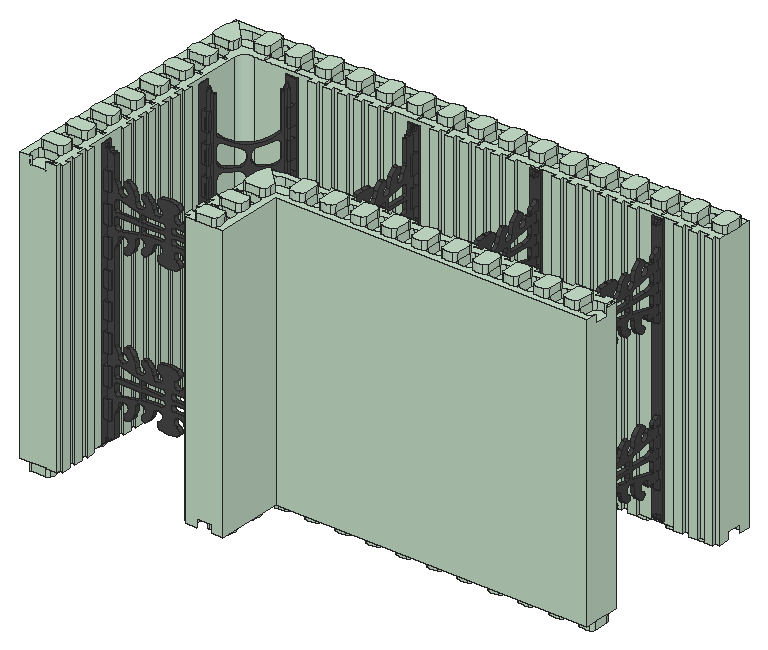
Revit family "ICF- NUDURA 8-inch- 90 Degree Form Unit- Imperial", category Generic Models, Revit 2011 (continued)
Definition of nested family "NUDURA Diamond Pattern Missing Left Line"
  Lines and regions (in)
    model lines
      curve 94: line (4.634, -5.625, 8.51517) -> (4.29059, -5.625, 8.85858)
      curve 95: arc (4.634, -5.625, 7.98484) -> (4.74384, -5.625, 8.25) -> (4.634, -5.625, 8.51517) r 0.375
      curve 96: line (4.29059, -5.625, 7.64142) -> (4.634, -5.625, 7.98484)
      curve 97: line (3.35367, -5.625, 7.98484) -> (3.69709, -5.625, 7.64142)
      curve 98: arc (3.35367, -5.625, 8.51517) -> (3.24384, -5.625, 8.25) -> (3.35367, -5.625, 7.98484) r 0.375
      curve 99: line (3.69709, -5.625, 8.85858) -> (3.35367, -5.625, 8.51517)
      curve 100: arc (4.17062, -5.625, 8.80178) -> (3.99384, -5.625, 8.875) -> (3.81706, -5.625, 8.80178) r 0.25
      curve 101: line (3.81706, -5.625, 8.80178) -> (3.44206, -5.625, 8.42678)
      curve 102: arc (3.44206, -5.625, 8.42678) -> (3.36884, -5.625, 8.25) -> (3.44206, -5.625, 8.07322) r 0.25
      curve 103: line (3.44206, -5.625, 8.07322) -> (3.81706, -5.625, 7.69822)
      curve 104: arc (3.81706, -5.625, 7.69822) -> (3.99384, -5.625, 7.625) -> (4.17062, -5.625, 7.69822) r 0.25
      curve 105: line (4.17062, -5.625, 7.69822) -> (4.54562, -5.625, 8.07322)
      curve 106: arc (4.54562, -5.625, 8.07322) -> (4.61884, -5.625, 8.25) -> (4.54562, -5.625, 8.42678) r 0.25
      curve 107: line (4.54562, -5.625, 8.42678) -> (4.17062, -5.625, 8.80178)
      curve 108: arc (3.69709, -5.625, 7.35858) -> (3.75567, -5.625, 7.5) -> (3.69709, -5.625, 7.64142) r 0.2
      curve 109: line (4.634, -5.625, 7.01517) -> (4.29059, -5.625, 7.35858)
      curve 110: arc (4.634, -5.625, 6.48484) -> (4.74384, -5.625, 6.75) -> (4.634, -5.625, 7.01517) r 0.375
      curve 111: line (4.29059, -5.625, 6.14142) -> (4.634, -5.625, 6.48484)
      curve 112: line (3.35367, -5.625, 6.48484) -> (3.69709, -5.625, 6.14142)
      curve 113: arc (3.35367, -5.625, 7.01517) -> (3.24384, -5.625, 6.75) -> (3.35367, -5.625, 6.48484) r 0.375
      curve 114: line (3.69709, -5.625, 7.35858) -> (3.35367, -5.625, 7.01517)
      curve 115: arc (4.17062, -5.625, 7.30178) -> (3.99384, -5.625, 7.375) -> (3.81706, -5.625, 7.30178) r 0.25
      curve 116: line (3.81706, -5.625, 7.30178) -> (3.44206, -5.625, 6.92678)
      curve 117: arc (3.44206, -5.625, 6.92678) -> (3.36884, -5.625, 6.75) -> (3.44206, -5.625, 6.57322) r 0.25
      curve 118: line (3.44206, -5.625, 6.57322) -> (3.81706, -5.625, 6.19822)
      curve 119: arc (3.81706, -5.625, 6.19822) -> (3.99384, -5.625, 6.125) -> (4.17062, -5.625, 6.19822) r 0.25
      curve 120: line (4.17062, -5.625, 6.19822) -> (4.54562, -5.625, 6.57322)
      curve 121: arc (4.54562, -5.625, 6.57322) -> (4.61884, -5.625, 6.75) -> (4.54562, -5.625, 6.92678) r 0.25
      curve 122: line (4.54562, -5.625, 6.92678) -> (4.17062, -5.625, 7.30178)
      curve 123: arc (3.69709, -5.625, 5.85858) -> (3.75567, -5.625, 6) -> (3.69709, -5.625, 6.14142) r 0.2
      curve 124: line (4.634, -5.625, 5.51517) -> (4.29059, -5.625, 5.85858)
      curve 125: arc (4.634, -5.625, 4.98484) -> (4.74384, -5.625, 5.25) -> (4.634, -5.625, 5.51517) r 0.375
      curve 126: line (4.29059, -5.625, 4.64142) -> (4.634, -5.625, 4.98484)
      curve 127: line (3.35367, -5.625, 4.98484) -> (3.69709, -5.625, 4.64142)
      curve 128: arc (3.35367, -5.625, 5.51517) -> (3.24384, -5.625, 5.25) -> (3.35367, -5.625, 4.98484) r 0.375
      curve 129: line (3.69709, -5.625, 5.85858) -> (3.35367, -5.625, 5.51517)
      curve 130: arc (4.17062, -5.625, 5.80178) -> (3.99384, -5.625, 5.875) -> (3.81706, -5.625, 5.80178) r 0.25
      curve 131: line (3.81706, -5.625, 5.80178) -> (3.44206, -5.625, 5.42678)
      curve 132: arc (3.44206, -5.625, 5.42678) -> (3.36884, -5.625, 5.25) -> (3.44206, -5.625, 5.07322) r 0.25
      curve 133: line (3.44206, -5.625, 5.07322) -> (3.81706, -5.625, 4.69822)
      curve 134: arc (3.81706, -5.625, 4.69822) -> (3.99384, -5.625, 4.625) -> (4.17062, -5.625, 4.69822) r 0.25
      curve 135: line (4.17062, -5.625, 4.69822) -> (4.54562, -5.625, 5.07322)
      curve 136: arc (4.54562, -5.625, 5.07322) -> (4.61884, -5.625, 5.25) -> (4.54562, -5.625, 5.42678) r 0.25
      curve 137: line (4.54562, -5.625, 5.42678) -> (4.17062, -5.625, 5.80178)
      curve 138: arc (3.69709, -5.625, 4.35858) -> (3.75567, -5.625, 4.5) -> (3.69709, -5.625, 4.64142) r 0.2
      curve 139: line (4.634, -5.625, 4.01517) -> (4.29059, -5.625, 4.35858)
      curve 140: arc (4.634, -5.625, 3.48484) -> (4.74384, -5.625, 3.75) -> (4.634, -5.625, 4.01517) r 0.375
      curve 141: line (4.29059, -5.625, 3.14142) -> (4.634, -5.625, 3.48484)
      curve 142: line (3.35367, -5.625, 3.48484) -> (3.69709, -5.625, 3.14142)
      curve 143: arc (3.35367, -5.625, 4.01517) -> (3.24384, -5.625, 3.75) -> (3.35367, -5.625, 3.48484) r 0.375
      curve 144: line (3.69709, -5.625, 4.35858) -> (3.35367, -5.625, 4.01517)
      curve 145: arc (4.17062, -5.625, 4.30178) -> (3.99384, -5.625, 4.375) -> (3.81706, -5.625, 4.30178) r 0.25
      curve 146: line (3.81706, -5.625, 4.30178) -> (3.44206, -5.625, 3.92678)
      curve 147: arc (3.44206, -5.625, 3.92678) -> (3.36884, -5.625, 3.75) -> (3.44206, -5.625, 3.57322) r 0.25
      curve 148: line (3.44206, -5.625, 3.57322) -> (3.81706, -5.625, 3.19822)
      curve 149: arc (3.81706, -5.625, 3.19822) -> (3.99384, -5.625, 3.125) -> (4.17062, -5.625, 3.19822) r 0.25
      curve 150: line (4.17062, -5.625, 3.19822) -> (4.54562, -5.625, 3.57322)
      curve 151: arc (4.54562, -5.625, 3.57322) -> (4.61884, -5.625, 3.75) -> (4.54562, -5.625, 3.92678) r 0.25
      curve 152: line (4.54562, -5.625, 3.92678) -> (4.17062, -5.625, 4.30178)
      curve 153: arc (3.69709, -5.625, 2.85858) -> (3.75567, -5.625, 3) -> (3.69709, -5.625, 3.14142) r 0.2
      curve 154: line (4.634, -5.625, 2.51517) -> (4.29059, -5.625, 2.85858)
      curve 155: arc (4.634, -5.625, 1.98484) -> (4.74384, -5.625, 2.25) -> (4.634, -5.625, 2.51517) r 0.375
      curve 156: line (4.29059, -5.625, 1.64142) -> (4.634, -5.625, 1.98484)
      curve 157: line (3.35367, -5.625, 1.98484) -> (3.69709, -5.625, 1.64142)
      curve 158: arc (3.35367, -5.625, 2.51517) -> (3.24384, -5.625, 2.25) -> (3.35367, -5.625, 1.98484) r 0.375
      curve 159: line (3.69709, -5.625, 2.85858) -> (3.35367, -5.625, 2.51517)
      curve 160: arc (4.17062, -5.625, 2.80178) -> (3.99384, -5.625, 2.875) -> (3.81706, -5.625, 2.80178) r 0.25
      curve 161: line (3.81706, -5.625, 2.80178) -> (3.44206, -5.625, 2.42678)
      curve 162: arc (3.44206, -5.625, 2.42678) -> (3.36884, -5.625, 2.25) -> (3.44206, -5.625, 2.07322) r 0.25
      curve 163: line (3.44206, -5.625, 2.07322) -> (3.81706, -5.625, 1.69822)
      curve 164: arc (3.81706, -5.625, 1.69822) -> (3.99384, -5.625, 1.625) -> (4.17062, -5.625, 1.69822) r 0.25
      curve 165: line (4.17062, -5.625, 1.69822) -> (4.54562, -5.625, 2.07322)
      curve 166: arc (4.54562, -5.625, 2.07322) -> (4.61884, -5.625, 2.25) -> (4.54562, -5.625, 2.42678) r 0.25
      curve 167: line (4.54562, -5.625, 2.42678) -> (4.17062, -5.625, 2.80178)
      curve 168: arc (3.69709, -5.625, 1.35858) -> (3.75567, -5.625, 1.5) -> (3.69709, -5.625, 1.64142) r 0.2
      curve 169: line (3.69709, -5.625, 1.35858) -> (3.35367, -5.625, 1.01517)
      curve 170: arc (3.35367, -5.625, 1.01517) -> (3.24384, -5.625, 0.75) -> (3.35367, -5.625, 0.48484) r 0.375
      curve 171: line (3.35367, -5.625, 0.48484) -> (3.72867, -5.625, 0.10984)
      curve 172: arc (3.72867, -5.625, 0.10984) -> (3.99384, -5.625, 0) -> (4.259, -5.625, 0.10984) r 0.375
      curve 173: line (4.259, -5.625, 0.10984) -> (4.634, -5.625, 0.48484)
      curve 174: arc (4.634, -5.625, 0.48484) -> (4.74384, -5.625, 0.75) -> (4.634, -5.625, 1.01517) r 0.375
      curve 175: line (4.634, -5.625, 1.01517) -> (4.29059, -5.625, 1.35858)
      curve 176: arc (4.29059, -5.625, 1.64142) -> (4.23201, -5.625, 1.5) -> (4.29059, -5.625, 1.35858) r 0.2
      curve 177: arc (4.17062, -5.625, 1.30178) -> (3.99384, -5.625, 1.375) -> (3.81706, -5.625, 1.30178) r 0.25
      curve 178: line (4.54562, -5.625, 0.92678) -> (4.17062, -5.625, 1.30178)
      curve 179: arc (4.54562, -5.625, 0.57322) -> (4.61884, -5.625, 0.75) -> (4.54562, -5.625, 0.92678) r 0.25
      curve 180: line (4.17062, -5.625, 0.19822) -> (4.54562, -5.625, 0.57322)
      curve 181: arc (3.81706, -5.625, 0.19822) -> (3.99384, -5.625, 0.125) -> (4.17062, -5.625, 0.19822) r 0.25
      curve 182: line (3.44206, -5.625, 0.57322) -> (3.81706, -5.625, 0.19822)
      curve 183: arc (3.44206, -5.625, 0.92678) -> (3.36884, -5.625, 0.75) -> (3.44206, -5.625, 0.57322) r 0.25
      curve 184: line (3.81706, -5.625, 1.30178) -> (3.44206, -5.625, 0.92678)
      curve 185: arc (4.29059, -5.625, 3.14142) -> (4.23201, -5.625, 3) -> (4.29059, -5.625, 2.85858) r 0.2
      curve 186: arc (4.29059, -5.625, 4.64142) -> (4.23201, -5.625, 4.5) -> (4.29059, -5.625, 4.35858) r 0.2
      curve 187: arc (4.29059, -5.625, 6.14142) -> (4.23201, -5.625, 6) -> (4.29059, -5.625, 5.85858) r 0.2
      curve 188: arc (4.29059, -5.625, 7.64142) -> (4.23201, -5.625, 7.5) -> (4.29059, -5.625, 7.35858) r 0.2
      curve 189: arc (4.29059, -5.625, 9.14142) -> (4.23201, -5.625, 9) -> (4.29059, -5.625, 8.85858) r 0.2
      curve 190: arc (4.29059, -5.625, 10.64142) -> (4.23201, -5.625, 10.5) -> (4.29059, -5.625, 10.35858) r 0.2
      curve 191: arc (4.29059, -5.625, 12.14142) -> (4.23201, -5.625, 12) -> (4.29059, -5.625, 11.85858) r 0.2
      curve 192: arc (4.29059, -5.625, 13.64142) -> (4.23201, -5.625, 13.5) -> (4.29059, -5.625, 13.35858) r 0.2
      curve 193: arc (4.29059, -5.625, 15.14142) -> (4.23201, -5.625, 15) -> (4.29059, -5.625, 14.85858) r 0.2
      curve 194: arc (4.29059, -5.625, 16.64142) -> (4.23201, -5.625, 16.5) -> (4.29059, -5.625, 16.35858) r 0.2
Definition of nested family "NUDURA Logo Diamond"
  Reference planes (in)
    plane 1 "Center (Front/Back)": y = 0
    plane 2: z = 0
    plane 3 "Center (Left/Right)": x = 0
  Lines and regions (in)
    model lines
      curve 1: line (12.59848, 0, 17.50104) -> (12.24492, 0, 17.85459)
      curve 2: line (12.36113, 0, 16.76872) -> (12.59848, 0, 17.00607)
      curve 3: line (12.59848, 0, 16.00104) -> (12.36113, 0, 16.23839)
      curve 4: line (12.36113, 0, 15.26872) -> (12.59848, 0, 15.50607)
      curve 5: line (12.59848, 0, 14.50104) -> (12.36113, 0, 14.73839)
      curve 6: line (12.36113, 0, 13.76872) -> (12.59848, 0, 14.00607)
      curve 7: line (12.17421, 0, 13.28388) -> (12.71208, 0, 12.74602)
      curve 8: line (12.71208, 0, 12.74602) -> (12.78279, 0, 12.81673)
      curve 9: line (11.28279, 0, 12.74602) -> (11.82066, 0, 13.28388)
      curve 10: line (11.63374, 0, 13.23839) -> (11.21208, 0, 12.81673)
      curve 11: line (11.3964, 0, 14.00607) -> (11.63374, 0, 13.76872)
      curve 12: line (11.63374, 0, 14.73839) -> (11.3964, 0, 14.50104)
      curve 13: line (11.3964, 0, 15.50607) -> (11.63374, 0, 15.26872)
      curve 14: line (11.63374, 0, 16.23839) -> (11.3964, 0, 16.00104)
      curve 15: line (11.3964, 0, 17.00607) -> (11.63374, 0, 16.76872)
      curve 16: line (11.74995, 0, 17.85459) -> (11.3964, 0, 17.50104)
      curve 17: line (11.82066, 0, 17.78388) -> (11.46711, 0, 17.43033)
      curve 18: line (12.52777, 0, 17.43033) -> (12.17421, 0, 17.78388)
      curve 19: line (12.17421, 0, 16.72322) -> (12.52777, 0, 17.07678)
      curve 20: line (11.46711, 0, 17.07678) -> (11.82066, 0, 16.72322)
      curve 21: arc (11.3964, 0, 17.50104) -> (11.29388, 0, 17.25355) -> (11.3964, 0, 17.00607) r 0.35
      curve 22: arc (11.74995, 0, 17.85459) -> (11.99744, 0, 17.95711) -> (12.24492, 0, 17.85459) r 0.35
      curve 23: arc (11.46711, 0, 17.43033) -> (11.39388, 0, 17.25355) -> (11.46711, 0, 17.07678) r 0.25
      curve 24: arc (12.52777, 0, 17.43033) -> (12.60099, 0, 17.25355) -> (12.52777, 0, 17.07678) r 0.25
      curve 25: arc (12.17421, 0, 16.72322) -> (11.99744, 0, 16.65) -> (11.82066, 0, 16.72322) r 0.25
      curve 26: arc (11.82066, 0, 17.78388) -> (11.99744, 0, 17.85711) -> (12.17421, 0, 17.78388) r 0.25
      curve 27: arc (12.59848, 0, 17.50104) -> (12.70099, 0, 17.25355) -> (12.59848, 0, 17.00607) r 0.35
      curve 28: arc (11.63374, 0, 16.76872) -> (11.74358, 0, 16.50355) -> (11.63374, 0, 16.23839) r 0.375
      curve 29: arc (12.36113, 0, 16.76872) -> (12.2513, 0, 16.50355) -> (12.36113, 0, 16.23839) r 0.375
      curve 30: line (12.36113, 0, 15.26872) -> (12.59848, 0, 15.50607)
      curve 31: line (11.3964, 0, 15.50607) -> (11.63374, 0, 15.26872)
      curve 32: line (11.82066, 0, 16.28388) -> (11.46711, 0, 15.93033)
      curve 33: line (12.52777, 0, 15.93033) -> (12.17421, 0, 16.28388)
      curve 34: line (12.17421, 0, 15.22322) -> (12.52777, 0, 15.57678)
      curve 35: line (11.46711, 0, 15.57678) -> (11.82066, 0, 15.22322)
      curve 36: arc (11.3964, 0, 16.00104) -> (11.29388, 0, 15.75355) -> (11.3964, 0, 15.50607) r 0.35
      curve 37: arc (11.46711, 0, 15.93033) -> (11.39388, 0, 15.75355) -> (11.46711, 0, 15.57678) r 0.25
      curve 38: arc (12.52777, 0, 15.93033) -> (12.60099, 0, 15.75355) -> (12.52777, 0, 15.57678) r 0.25
      curve 39: arc (12.17421, 0, 15.22322) -> (11.99744, 0, 15.15) -> (11.82066, 0, 15.22322) r 0.25
      curve 40: arc (11.82066, 0, 16.28388) -> (11.99744, 0, 16.35711) -> (12.17421, 0, 16.28388) r 0.25
      curve 41: arc (12.59848, 0, 16.00104) -> (12.70099, 0, 15.75355) -> (12.59848, 0, 15.50607) r 0.35
      curve 42: line (11.63374, 0, 16.23839) -> (11.3964, 0, 16.00104)
      curve 43: line (12.59848, 0, 16.00104) -> (12.36113, 0, 16.23839)
      curve 44: arc (11.63374, 0, 15.26872) -> (11.74358, 0, 15.00355) -> (11.63374, 0, 14.73839) r 0.375
      curve 45: arc (12.36113, 0, 15.26872) -> (12.2513, 0, 15.00355) -> (12.36113, 0, 14.73839) r 0.375
      curve 46: line (12.36113, 0, 13.76872) -> (12.59848, 0, 14.00607)
      curve 47: line (11.3964, 0, 14.00607) -> (11.63374, 0, 13.76872)
      curve 48: line (11.82066, 0, 14.78388) -> (11.46711, 0, 14.43033)
      curve 49: line (12.52777, 0, 14.43033) -> (12.17421, 0, 14.78388)
      curve 50: line (12.17421, 0, 13.72322) -> (12.52777, 0, 14.07678)
      curve 51: line (11.46711, 0, 14.07678) -> (11.82066, 0, 13.72322)
      curve 52: arc (11.3964, 0, 14.50104) -> (11.29388, 0, 14.25355) -> (11.3964, 0, 14.00607) r 0.35
      curve 53: arc (11.46711, 0, 14.43033) -> (11.39388, 0, 14.25355) -> (11.46711, 0, 14.07678) r 0.25
      curve 54: arc (12.52777, 0, 14.43033) -> (12.60099, 0, 14.25355) -> (12.52777, 0, 14.07678) r 0.25
      curve 55: arc (12.17421, 0, 13.72322) -> (11.99744, 0, 13.65) -> (11.82066, 0, 13.72322) r 0.25
      curve 56: arc (11.82066, 0, 14.78388) -> (11.99744, 0, 14.85711) -> (12.17421, 0, 14.78388) r 0.25
      curve 57: arc (12.59848, 0, 14.50104) -> (12.70099, 0, 14.25355) -> (12.59848, 0, 14.00607) r 0.35
      curve 58: line (11.63374, 0, 14.73839) -> (11.3964, 0, 14.50104)
      curve 59: arc (11.63374, 0, 13.76872) -> (11.74358, 0, 13.50355) -> (11.63374, 0, 13.23839) r 0.375
      curve 60: arc (12.36113, 0, 13.76872) -> (12.2513, 0, 13.50355) -> (12.36113, 0, 13.23839) r 0.375
      curve 61: line (12.78279, 0, 12.81673) -> (12.36113, 0, 13.23839)
      curve 62: line (11.21208, 0, 12.81673) -> (11.28279, 0, 12.74602)
      curve 63: arc (11.82066, 0, 13.28388) -> (11.99744, 0, 13.35711) -> (12.17421, 0, 13.28388) r 0.25
      curve 64: line (12.59848, 0, 0.50607) -> (12.24492, 0, 0.15251)
      curve 65: line (12.36113, 0, 1.23839) -> (12.59848, 0, 1.00104)
      curve 66: line (12.59848, 0, 2.00607) -> (12.36113, 0, 1.76872)
      curve 67: line (12.36113, 0, 2.73839) -> (12.59848, 0, 2.50104)
      curve 68: line (12.59848, 0, 3.50607) -> (12.36113, 0, 3.26872)
      curve 69: line (12.36113, 0, 4.23839) -> (12.59848, 0, 4.00104)
      curve 70: line (12.17421, 0, 4.72322) -> (12.71208, 0, 5.26109)
      curve 71: line (12.71208, 0, 5.26109) -> (12.78279, 0, 5.19038)
      curve 72: line (11.28279, 0, 5.26109) -> (11.82066, 0, 4.72322)
      curve 73: line (11.63374, 0, 4.76872) -> (11.21208, 0, 5.19038)
      curve 74: line (11.3964, 0, 4.00104) -> (11.63374, 0, 4.23839)
      curve 75: line (11.63374, 0, 3.26872) -> (11.3964, 0, 3.50607)
      curve 76: line (11.3964, 0, 2.50104) -> (11.63374, 0, 2.73839)
      curve 77: line (11.63374, 0, 1.76872) -> (11.3964, 0, 2.00607)
      curve 78: line (11.3964, 0, 1.00104) -> (11.63374, 0, 1.23839)
      curve 79: line (11.74995, 0, 0.15251) -> (11.3964, 0, 0.50607)
      curve 80: line (11.82066, 0, 0.22322) -> (11.46711, 0, 0.57678)
      curve 81: line (12.52777, 0, 0.57678) -> (12.17421, 0, 0.22322)
      curve 82: line (12.17421, 0, 1.28388) -> (12.52777, 0, 0.93033)
      curve 83: line (11.46711, 0, 0.93033) -> (11.82066, 0, 1.28388)
      curve 84: arc (11.3964, 0, 0.50607) -> (11.29388, 0, 0.75355) -> (11.3964, 0, 1.00104) r 0.35
      curve 85: arc (11.74995, 0, 0.15251) -> (11.99744, 0, 0.05) -> (12.24492, 0, 0.15251) r 0.35
      curve 86: arc (11.46711, 0, 0.57678) -> (11.39388, 0, 0.75355) -> (11.46711, 0, 0.93033) r 0.25
      curve 87: arc (12.52777, 0, 0.57678) -> (12.60099, 0, 0.75355) -> (12.52777, 0, 0.93033) r 0.25
      curve 88: arc (12.17421, 0, 1.28388) -> (11.99744, 0, 1.35711) -> (11.82066, 0, 1.28388) r 0.25
      curve 89: arc (11.82066, 0, 0.22322) -> (11.99744, 0, 0.15) -> (12.17421, 0, 0.22322) r 0.25
      curve 90: arc (12.59848, 0, 0.50607) -> (12.70099, 0, 0.75355) -> (12.59848, 0, 1.00104) r 0.35
      curve 91: arc (11.63374, 0, 1.23839) -> (11.74358, 0, 1.50355) -> (11.63374, 0, 1.76872) r 0.375
      curve 92: arc (12.36113, 0, 1.23839) -> (12.2513, 0, 1.50355) -> (12.36113, 0, 1.76872) r 0.375
      curve 93: line (12.36113, 0, 2.73839) -> (12.59848, 0, 2.50104)
      curve 94: line (11.3964, 0, 2.50104) -> (11.63374, 0, 2.73839)
      curve 95: line (11.82066, 0, 1.72322) -> (11.46711, 0, 2.07678)
      curve 96: line (12.52777, 0, 2.07678) -> (12.17421, 0, 1.72322)
      curve 97: line (12.17421, 0, 2.78388) -> (12.52777, 0, 2.43033)
      curve 98: line (11.46711, 0, 2.43033) -> (11.82066, 0, 2.78388)
      curve 99: arc (11.3964, 0, 2.00607) -> (11.29388, 0, 2.25355) -> (11.3964, 0, 2.50104) r 0.35
      curve 100: arc (11.46711, 0, 2.07678) -> (11.39388, 0, 2.25355) -> (11.46711, 0, 2.43033) r 0.25
      curve 101: arc (12.52777, 0, 2.07678) -> (12.60099, 0, 2.25355) -> (12.52777, 0, 2.43033) r 0.25
      curve 102: arc (12.17421, 0, 2.78388) -> (11.99744, 0, 2.85711) -> (11.82066, 0, 2.78388) r 0.25
      curve 103: arc (11.82066, 0, 1.72322) -> (11.99744, 0, 1.65) -> (12.17421, 0, 1.72322) r 0.25
      curve 104: arc (12.59848, 0, 2.00607) -> (12.70099, 0, 2.25355) -> (12.59848, 0, 2.50104) r 0.35
      curve 105: line (11.63374, 0, 1.76872) -> (11.3964, 0, 2.00607)
      curve 106: line (12.59848, 0, 2.00607) -> (12.36113, 0, 1.76872)
      curve 107: arc (11.63374, 0, 2.73839) -> (11.74358, 0, 3.00355) -> (11.63374, 0, 3.26872) r 0.375
      curve 108: arc (12.36113, 0, 2.73839) -> (12.2513, 0, 3.00355) -> (12.36113, 0, 3.26872) r 0.375
      curve 109: line (12.36113, 0, 4.23839) -> (12.59848, 0, 4.00104)
      curve 110: line (11.3964, 0, 4.00104) -> (11.63374, 0, 4.23839)
      curve 111: line (11.82066, 0, 3.22322) -> (11.46711, 0, 3.57678)
      curve 112: line (12.52777, 0, 3.57678) -> (12.17421, 0, 3.22322)
      curve 113: line (12.17421, 0, 4.28388) -> (12.52777, 0, 3.93033)
      curve 114: line (11.46711, 0, 3.93033) -> (11.82066, 0, 4.28388)
      curve 115: arc (11.3964, 0, 3.50607) -> (11.29388, 0, 3.75355) -> (11.3964, 0, 4.00104) r 0.35
      curve 116: arc (11.46711, 0, 3.57678) -> (11.39388, 0, 3.75355) -> (11.46711, 0, 3.93033) r 0.25
      curve 117: arc (12.52777, 0, 3.57678) -> (12.60099, 0, 3.75355) -> (12.52777, 0, 3.93033) r 0.25
      curve 118: arc (12.17421, 0, 4.28388) -> (11.99744, 0, 4.35711) -> (11.82066, 0, 4.28388) r 0.25
      curve 119: arc (11.82066, 0, 3.22322) -> (11.99744, 0, 3.15) -> (12.17421, 0, 3.22322) r 0.25
      curve 120: arc (12.59848, 0, 3.50607) -> (12.70099, 0, 3.75355) -> (12.59848, 0, 4.00104) r 0.35
      curve 121: line (11.63374, 0, 3.26872) -> (11.3964, 0, 3.50607)
      curve 122: arc (11.63374, 0, 4.23839) -> (11.74358, 0, 4.50355) -> (11.63374, 0, 4.76872) r 0.375
      curve 123: arc (12.36113, 0, 4.23839) -> (12.2513, 0, 4.50355) -> (12.36113, 0, 4.76872) r 0.375
      curve 124: line (12.78279, 0, 5.19038) -> (12.36113, 0, 4.76872)
      curve 125: line (11.21208, 0, 5.19038) -> (11.28279, 0, 5.26109)
      curve 126: arc (11.82066, 0, 4.72322) -> (11.99744, 0, 4.65) -> (12.17421, 0, 4.72322) r 0.25
      curve 127: line (12.37244, 0, 12.50355) -> (11.62244, 0, 12.50355)
      curve 128: line (12.74744, 0, 5.87855) -> (12.74744, 0, 12.12855)
      curve 129: line (11.24744, 0, 12.12855) -> (11.24744, 0, 5.87855)
      curve 130: line (11.62244, 0, 5.50355) -> (12.37244, 0, 5.50355)
      curve 131: line (12.47232, 0, 12.00355) -> (12.0393, 0, 12.25355)
      curve 132: line (12.47232, 0, 11.50355) -> (12.47232, 0, 12.00355)
      curve 133: line (12.25581, 0, 11.37855) -> (12.47232, 0, 11.50355)
      curve 134: line (12.02256, 0, 11.51322) -> (12.25581, 0, 11.37855)
      curve 135: line (12.22232, 0, 11.62855) -> (12.02256, 0, 11.51322)
      curve 136: line (11.80605, 0, 12.11888) -> (12.22232, 0, 11.87855)
      curve 137: line (12.22232, 0, 11.87855) -> (12.22232, 0, 11.62855)
      curve 138: line (12.0393, 0, 12.25355) -> (11.80605, 0, 12.11888)
      curve 139: line (11.77256, 0, 11.63822) -> (11.97232, 0, 11.75355)
      curve 140: line (11.97232, 0, 11.75355) -> (11.73906, 0, 11.88822)
      curve 141: line (11.73906, 0, 11.88822) -> (11.52256, 0, 11.76322)
      curve 142: line (11.52256, 0, 11.76322) -> (11.52256, 0, 11.26322)
      curve 143: line (11.77256, 0, 11.38822) -> (11.77256, 0, 11.63822)
      curve 144: line (12.18882, 0, 11.14789) -> (11.77256, 0, 11.38822)
      curve 145: line (11.95557, 0, 11.01322) -> (12.18882, 0, 11.14789)
      curve 146: line (11.52256, 0, 11.26322) -> (11.95557, 0, 11.01322)
      curve 147: line (12.31108, 0, 10.60411) -> (11.68379, 0, 10.74458)
      curve 148: line (11.68379, 0, 10.74458) -> (11.68379, 0, 10.51321)
      curve 149: line (11.68379, 0, 10.51321) -> (12.1295, 0, 10.41405)
      curve 150: line (12.1295, 0, 10.41405) -> (11.68379, 0, 10.27358)
      curve 151: line (11.68379, 0, 10.27358) -> (11.68379, 0, 9.8852)
      curve 152: line (11.68379, 0, 9.8852) -> (12.17077, 0, 9.77615)
      curve 153: line (12.17077, 0, 9.77615) -> (12.17077, 0, 9.74472)
      curve 154: line (12.17077, 0, 9.74472) -> (11.86146, 0, 9.80279)
      curve 155: line (11.68379, 0, 9.65536) -> (11.68379, 0, 9.35864)
      curve 156: line (12.07077, 0, 8.74385) -> (12.07077, 0, 8.99996)
      curve 157: line (12.07077, 0, 8.99996) -> (11.68379, 0, 9.08605)
      curve 158: line (11.68379, 0, 9.08605) -> (11.68379, 0, 8.47809)
      curve 159: line (11.91823, 0, 9.06589) -> (12.31108, 0, 8.97792)
      curve 160: line (11.82444, 0, 8.55476) -> (11.82444, 0, 8.79865)
      curve 161: line (11.82444, 0, 8.79865) -> (12.07077, 0, 8.74385)
      curve 162: line (11.68379, 0, 8.07193) -> (11.68379, 0, 7.77522)
      curve 163: line (11.91823, 0, 7.48247) -> (12.21108, 0, 7.41688)
      curve 164: line (12.21108, 0, 7.41688) -> (12.21108, 0, 6.95405)
      curve 165: line (12.16108, 0, 6.90405) -> (12.12077, 0, 6.90405)
      curve 166: line (12.07077, 0, 6.95405) -> (12.07077, 0, 7.08675)
      curve 167: line (12.07077, 0, 7.08675) -> (12.12077, 0, 7.07556)
      curve 168: line (12.12077, 0, 7.07556) -> (12.12077, 0, 7.33463)
      curve 169: line (12.12077, 0, 7.33463) -> (11.68379, 0, 7.43249)
      curve 170: line (11.68379, 0, 7.43249) -> (11.68379, 0, 7.17341)
      curve 171: line (11.68379, 0, 7.17341) -> (11.97077, 0, 7.10915)
      curve 172: line (11.97077, 0, 7.10915) -> (11.97077, 0, 6.99425)
      curve 173: line (11.92077, 0, 6.94425) -> (11.68379, 0, 6.94425)
      curve 174: line (11.68379, 0, 6.94425) -> (11.68379, 0, 6.45682)
      curve 175: line (11.68379, 0, 6.45682) -> (11.78284, 0, 6.38658)
      curve 176: line (11.78284, 0, 6.38658) -> (11.78284, 0, 6.05178)
      curve 177: line (12.12371, 0, 6.14486) -> (11.88284, 0, 6.31567)
      curve 178: line (11.88284, 0, 6.31567) -> (11.88284, 0, 6.07909)
      curve 179: line (11.88284, 0, 6.07909) -> (12.12371, 0, 6.14486)
      curve 180: line (11.78284, 0, 6.05178) -> (11.68379, 0, 6.02474)
      curve 181: line (11.68379, 0, 6.02474) -> (11.68379, 0, 5.75355)
      curve 182: line (11.68379, 0, 5.75355) -> (12.31108, 0, 5.92483)
      curve 183: line (12.31108, 0, 5.92483) -> (12.31108, 0, 6.28791)
      curve 184: line (12.31108, 0, 6.28791) -> (11.76249, 0, 6.67694)
      curve 185: line (11.76249, 0, 6.67694) -> (11.90321, 0, 6.67694)
      curve 186: line (12.31108, 0, 6.78674) -> (12.31108, 0, 7.63562)
      curve 187: line (12.31108, 0, 7.63562) -> (11.90258, 0, 7.7271)
      curve 188: line (11.82444, 0, 7.82469) -> (11.82444, 0, 7.92839)
      curve 189: line (11.88536, 0, 7.97718) -> (12.31108, 0, 7.88185)
      curve 190: line (12.31108, 0, 7.88185) -> (12.31108, 0, 8.13496)
      curve 191: line (12.31108, 0, 8.13496) -> (12.08042, 0, 8.17826)
      curve 192: line (12.31108, 0, 8.38353) -> (12.31108, 0, 8.9465)
      curve 193: line (12.31108, 0, 8.9465) -> (12.17077, 0, 8.97771)
      curve 194: line (12.17077, 0, 8.97771) -> (12.17077, 0, 8.55476)
      curve 195: line (12.31108, 0, 8.97792) -> (12.31108, 0, 9.21905)
      curve 196: line (12.31108, 0, 9.21905) -> (11.90258, 0, 9.31053)
      curve 197: line (11.82444, 0, 9.40811) -> (11.82444, 0, 9.51182)
      curve 198: line (11.87938, 0, 9.56195) -> (12.31108, 0, 9.46528)
      curve 199: line (12.31108, 0, 9.46528) -> (12.31108, 0, 9.98469)
      curve 200: line (12.31108, 0, 9.98469) -> (11.90664, 0, 10.07526)
      curve 201: line (11.90664, 0, 10.07526) -> (12.31108, 0, 10.20747)
      curve 202: line (12.31108, 0, 10.20747) -> (12.31108, 0, 10.60411)
      curve 203: arc (11.68379, 0, 9.65536) -> (11.73801, 0, 9.7708) -> (11.86146, 0, 9.80279) r 0.15
      curve 204: arc (11.68379, 0, 9.35864) -> (11.74962, 0, 9.17112) -> (11.91823, 0, 9.06589) r 0.3
      curve 205: arc (11.84417, 0, 8.22149) -> (11.72718, 0, 8.32679) -> (11.68379, 0, 8.47809) r 0.28547
      curve 206: arc (11.68379, 0, 8.07193) -> (11.73147, 0, 8.18158) -> (11.84417, 0, 8.22149) r 0.14992
      curve 207: arc (11.68379, 0, 7.77522) -> (11.74962, 0, 7.58769) -> (11.91823, 0, 7.48247) r 0.3
      curve 208: arc (11.82444, 0, 7.82469) -> (11.84638, 0, 7.76218) -> (11.90258, 0, 7.7271) r 0.1
      curve 209: arc (11.82444, 0, 7.92839) -> (11.84318, 0, 7.96742) -> (11.88536, 0, 7.97718) r 0.05
      curve 210: arc (12.12077, 0, 6.90405) -> (12.08541, 0, 6.91869) -> (12.07077, 0, 6.95405) r 0.05
      curve 211: arc (12.16108, 0, 6.90405) -> (12.19644, 0, 6.91869) -> (12.21108, 0, 6.95405) r 0.05
      curve 212: arc (11.97077, 0, 6.99425) -> (11.95612, 0, 6.95889) -> (11.92077, 0, 6.94425) r 0.05
      curve 213: arc (11.90321, 0, 6.67694) -> (11.96756, 0, 6.70069) -> (12.00104, 0, 6.76055) r 0.09904
      curve 214: arc (12.00104, 0, 6.76055) -> (12.1681, 0, 6.63117) -> (12.31108, 0, 6.78674) r 0.15613
      curve 215: arc (12.08042, 0, 8.17826) -> (12.24181, 0, 8.22914) -> (12.31108, 0, 8.38353) r 0.20667
      curve 216: arc (11.82444, 0, 8.55476) -> (11.9976, 0, 8.3816) -> (12.17077, 0, 8.55476) r 0.17317
      curve 217: arc (11.82444, 0, 9.40811) -> (11.84638, 0, 9.34561) -> (11.90258, 0, 9.31053) r 0.1
      curve 218: arc (11.82444, 0, 9.51182) -> (11.8459, 0, 9.55306) -> (11.892, 0, 9.55913) r 0.05034
      curve 219: arc (11.24744, 0, 12.12855) -> (11.35727, 0, 12.39372) -> (11.62244, 0, 12.50355) r 0.375
      curve 220: arc (12.37244, 0, 12.50355) -> (12.6376, 0, 12.39372) -> (12.74744, 0, 12.12855) r 0.375
      curve 221: arc (11.24744, 0, 5.87855) -> (11.35727, 0, 5.61339) -> (11.62244, 0, 5.50355) r 0.375
      curve 222: arc (12.37244, 0, 5.50355) -> (12.6376, 0, 5.61339) -> (12.74744, 0, 5.87855) r 0.375
      curve 223: line (9.99744, 0, 18) -> (9.99744, 0, 0)
      curve 224: line (13.99744, 0, 18) -> (13.99744, 0, 0)
      curve 225: line (15.99744, 0, 18) -> (15.99744, 0, 0)
